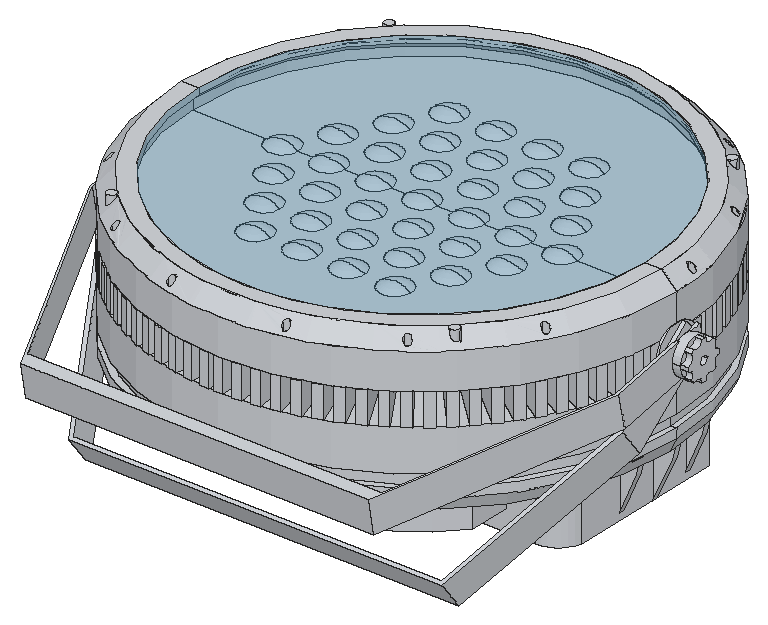
Revit family "WALL WASHER BUILDING RGBW_LV2610QW.30", category Luminarias, Revit 2019 (continued)
Forms (mm)
  Revolve 139, solid
    sketch origin (103.069, 63.256, -108.199) x (1, 0, 0) y (0, 0, 1)
      loop
        arc (-30.028, 289.911) -> (-36.507, 288.887) -> (-42.45, 286.113) r 23.5
        line (-42.45, 286.113) -> (-30.028, 286.113) -> (-30.028, 289.911)
      axis (-30.028, 286.113) -> (-30.028, 289.911)
    angle from 0 to 360
  Revolve 140, solid
    sketch origin (-48.288, 31.628, -108.199) x (-1, 0, 0) y (0, 0, 1)
      loop
        arc (-30.028, 289.911) -> (-36.507, 288.887) -> (-42.45, 286.113) r 23.5
        line (-42.45, 286.113) -> (-30.028, 286.113) -> (-30.028, 289.911)
      axis (-30.028, 286.113) -> (-30.028, 289.911)
    angle from 0 to 360
  Revolve 141, solid
    sketch origin (48.288, 31.628, -108.199) x (1, 0, 0) y (0, 0, -1)
      loop
        line (-30.028, -289.911) -> (-30.028, -286.113) -> (-42.45, -286.113)
        arc (-42.45, -286.113) -> (-36.507, -288.887) -> (-30.028, -289.911) r 23.5
      axis (-30.028, -286.113) -> (-30.028, -289.911)
    angle from 0 to 360
  Revolve 142, solid
    sketch origin (-84.809, 31.628, -108.199) x (-1, 0, 0) y (0, 0, 1)
      loop
        arc (-30.028, 289.911) -> (-36.507, 288.887) -> (-42.45, 286.113) r 23.5
        line (-42.45, 286.113) -> (-30.028, 286.113) -> (-30.028, 289.911)
      axis (-30.028, 286.113) -> (-30.028, 289.911)
    angle from 0 to 360
  Revolve 143, solid
    sketch origin (-121.329, 31.628, -108.199) x (-1, 0, 0) y (0, 0, 1)
      loop
        arc (-30.028, 289.911) -> (-36.507, 288.887) -> (-42.45, 286.113) r 23.5
        line (-42.45, 286.113) -> (-30.028, 286.113) -> (-30.028, 289.911)
      axis (-30.028, 286.113) -> (-30.028, 289.911)
    angle from 0 to 360
  Revolve 144, solid
    sketch origin (84.809, 31.628, -108.199) x (1, 0, 0) y (0, 0, -1)
      loop
        line (-30.028, -289.911) -> (-30.028, -286.113) -> (-42.45, -286.113)
        arc (-42.45, -286.113) -> (-36.507, -288.887) -> (-30.028, -289.911) r 23.5
      axis (-30.028, -286.113) -> (-30.028, -289.911)
    angle from 0 to 360
  Revolve 145, solid
    sketch origin (121.329, 31.628, -108.199) x (1, 0, 0) y (0, 0, -1)
      loop
        line (-30.028, -289.911) -> (-30.028, -286.113) -> (-42.45, -286.113)
        arc (-42.45, -286.113) -> (-36.507, -288.887) -> (-30.028, -289.911) r 23.5
      axis (-30.028, -286.113) -> (-30.028, -289.911)
    angle from 0 to 360
  Revolve 146, solid
    sketch origin (-66.548, 0, -108.199) x (-1, 0, 0) y (0, 0, 1)
      loop
        arc (-30.028, 289.911) -> (-36.507, 288.887) -> (-42.45, 286.113) r 23.5
        line (-42.45, 286.113) -> (-30.028, 286.113) -> (-30.028, 289.911)
      axis (-30.028, 286.113) -> (-30.028, 289.911)
    angle from 0 to 360
  Revolve 147, solid
    sketch origin (30.028, 0, -108.199) x (1, 0, 0) y (0, 0, -1)
      loop
        line (-30.028, -289.911) -> (-30.028, -286.113) -> (-42.45, -286.113)
        arc (-42.45, -286.113) -> (-36.507, -288.887) -> (-30.028, -289.911) r 23.5
      axis (-30.028, -286.113) -> (-30.028, -289.911)
    angle from 0 to 360
  Revolve 148, solid
    sketch origin (-103.069, 0, -108.199) x (-1, 0, 0) y (0, 0, 1)
      loop
        arc (-30.028, 289.911) -> (-36.507, 288.887) -> (-42.45, 286.113) r 23.5
        line (-42.45, 286.113) -> (-30.028, 286.113) -> (-30.028, 289.911)
      axis (-30.028, 286.113) -> (-30.028, 289.911)
    angle from 0 to 360
  Revolve 149, solid
    sketch origin (66.548, 0, -108.199) x (1, 0, 0) y (0, 0, -1)
      loop
        line (-30.028, -289.911) -> (-30.028, -286.113) -> (-42.45, -286.113)
        arc (-42.45, -286.113) -> (-36.507, -288.887) -> (-30.028, -289.911) r 23.5
      axis (-30.028, -286.113) -> (-30.028, -289.911)
    angle from 0 to 360
  Revolve 150, solid
    sketch origin (103.069, 0, -108.199) x (1, 0, 0) y (0, 0, -1)
      loop
        line (-30.028, -289.911) -> (-30.028, -286.113) -> (-42.45, -286.113)
        arc (-42.45, -286.113) -> (-36.507, -288.887) -> (-30.028, -289.911) r 23.5
      axis (-30.028, -286.113) -> (-30.028, -289.911)
    angle from 0 to 360
  Revolve 151, solid
    sketch origin (-139.59, 0, -108.199) x (-1, 0, 0) y (0, 0, 1)
      loop
        arc (-30.028, 289.911) -> (-36.507, 288.887) -> (-42.45, 286.113) r 23.5
        line (-42.45, 286.113) -> (-30.028, 286.113) -> (-30.028, 289.911)
      axis (-30.028, 286.113) -> (-30.028, 289.911)
    angle from 0 to 360
  Revolve 152, solid
    sketch origin (139.59, 0, -108.199) x (1, 0, 0) y (0, 0, -1)
      loop
        line (-30.028, -289.911) -> (-30.028, -286.113) -> (-42.45, -286.113)
        arc (-42.45, -286.113) -> (-36.507, -288.887) -> (-30.028, -289.911) r 23.5
      axis (-30.028, -286.113) -> (-30.028, -289.911)
    angle from 0 to 360
  Revolve 153, solid
    sketch origin (-48.288, -94.884, -108.199) x (-1, 0, 0) y (0, 0, 1)
      loop
        arc (-30.028, 289.911) -> (-36.507, 288.887) -> (-42.45, 286.113) r 23.5
        line (-42.45, 286.113) -> (-30.028, 286.113) -> (-30.028, 289.911)
      axis (-30.028, 286.113) -> (-30.028, 289.911)
    angle from 0 to 360
  Revolve 154, solid
    sketch origin (48.288, -94.884, -108.199) x (1, 0, 0) y (0, 0, -1)
      loop
        line (-30.028, -289.911) -> (-30.028, -286.113) -> (-42.45, -286.113)
        arc (-42.45, -286.113) -> (-36.507, -288.887) -> (-30.028, -289.911) r 23.5
      axis (-30.028, -286.113) -> (-30.028, -289.911)
    angle from 0 to 360
  Revolve 155, solid
    sketch origin (-66.548, -63.256, -108.199) x (-1, 0, 0) y (0, 0, 1)
      loop
        arc (-30.028, 289.911) -> (-36.507, 288.887) -> (-42.45, 286.113) r 23.5
        line (-42.45, 286.113) -> (-30.028, 286.113) -> (-30.028, 289.911)
      axis (-30.028, 286.113) -> (-30.028, 289.911)
    angle from 0 to 360
  Revolve 156, solid
    sketch origin (30.028, -63.256, -108.199) x (1, 0, 0) y (0, 0, -1)
      loop
        line (-30.028, -289.911) -> (-30.028, -286.113) -> (-42.45, -286.113)
        arc (-42.45, -286.113) -> (-36.507, -288.887) -> (-30.028, -289.911) r 23.5
      axis (-30.028, -286.113) -> (-30.028, -289.911)
    angle from 0 to 360
  Revolve 157, solid
    sketch origin (-103.069, -63.256, -108.199) x (-1, 0, 0) y (0, 0, 1)
      loop
        arc (-30.028, 289.911) -> (-36.507, 288.887) -> (-42.45, 286.113) r 23.5
        line (-42.45, 286.113) -> (-30.028, 286.113) -> (-30.028, 289.911)
      axis (-30.028, 286.113) -> (-30.028, 289.911)
    angle from 0 to 360
  Revolve 158, solid
    sketch origin (66.548, -63.256, -108.199) x (1, 0, 0) y (0, 0, -1)
      loop
        line (-30.028, -289.911) -> (-30.028, -286.113) -> (-42.45, -286.113)
        arc (-42.45, -286.113) -> (-36.507, -288.887) -> (-30.028, -289.911) r 23.5
      axis (-30.028, -286.113) -> (-30.028, -289.911)
    angle from 0 to 360
  Revolve 159, solid
    sketch origin (103.069, -63.256, -108.199) x (1, 0, 0) y (0, 0, -1)
      loop
        line (-30.028, -289.911) -> (-30.028, -286.113) -> (-42.45, -286.113)
        arc (-42.45, -286.113) -> (-36.507, -288.887) -> (-30.028, -289.911) r 23.5
      axis (-30.028, -286.113) -> (-30.028, -289.911)
    angle from 0 to 360
  Revolve 160, solid
    sketch origin (-48.288, -31.628, -108.199) x (-1, 0, 0) y (0, 0, -1)
      loop
        line (-30.028, -289.911) -> (-30.028, -286.113) -> (-42.45, -286.113)
        arc (-42.45, -286.113) -> (-36.507, -288.887) -> (-30.028, -289.911) r 23.5
      axis (-30.028, -286.113) -> (-30.028, -289.911)
    angle from 0 to 360
  Revolve 161, solid
    sketch origin (48.288, -31.628, -108.199) x (1, 0, 0) y (0, 0, 1)
      loop
        arc (-30.028, 289.911) -> (-36.507, 288.887) -> (-42.45, 286.113) r 23.5
        line (-42.45, 286.113) -> (-30.028, 286.113) -> (-30.028, 289.911)
      axis (-30.028, 286.113) -> (-30.028, 289.911)
    angle from 0 to 360
  Revolve 162, solid
    sketch origin (-84.809, -31.628, -108.199) x (-1, 0, 0) y (0, 0, -1)
      loop
        line (-30.028, -289.911) -> (-30.028, -286.113) -> (-42.45, -286.113)
        arc (-42.45, -286.113) -> (-36.507, -288.887) -> (-30.028, -289.911) r 23.5
      axis (-30.028, -286.113) -> (-30.028, -289.911)
    angle from 0 to 360
  Revolve 163, solid
    sketch origin (-121.329, -31.628, -108.199) x (-1, 0, 0) y (0, 0, -1)
      loop
        line (-30.028, -289.911) -> (-30.028, -286.113) -> (-42.45, -286.113)
        arc (-42.45, -286.113) -> (-36.507, -288.887) -> (-30.028, -289.911) r 23.5
      axis (-30.028, -286.113) -> (-30.028, -289.911)
    angle from 0 to 360
  Revolve 164, solid
    sketch origin (84.809, -31.628, -108.199) x (1, 0, 0) y (0, 0, 1)
      loop
        arc (-30.028, 289.911) -> (-36.507, 288.887) -> (-42.45, 286.113) r 23.5
        line (-42.45, 286.113) -> (-30.028, 286.113) -> (-30.028, 289.911)
      axis (-30.028, 286.113) -> (-30.028, 289.911)
    angle from 0 to 360
  Revolve 165, solid
    sketch origin (121.329, -31.628, -108.199) x (1, 0, 0) y (0, 0, 1)
      loop
        arc (-30.028, 289.911) -> (-36.507, 288.887) -> (-42.45, 286.113) r 23.5
        line (-42.45, 286.113) -> (-30.028, 286.113) -> (-30.028, 289.911)
      axis (-30.028, 286.113) -> (-30.028, 289.911)
    angle from 0 to 360
  Revolve 166, solid
    sketch origin (-84.809, 94.884, -108.199) x (-1, 0, 0) y (0, 0, 1)
      loop
        arc (-30.028, 289.911) -> (-36.507, 288.887) -> (-42.45, 286.113) r 23.5
        line (-42.45, 286.113) -> (-30.028, 286.113) -> (-30.028, 289.911)
      axis (-30.028, 286.113) -> (-30.028, 289.911)
    angle from 0 to 360
  Revolve 167, solid
    sketch origin (84.809, 94.884, -108.199) x (1, 0, 0) y (0, 0, 1)
      loop
        arc (-30.028, 289.911) -> (-36.507, 288.887) -> (-42.45, 286.113) r 23.5
        line (-42.45, 286.113) -> (-30.028, 286.113) -> (-30.028, 289.911)
      axis (-30.028, 286.113) -> (-30.028, 289.911)
    angle from 0 to 360
  Revolve 168, solid
    sketch origin (-84.809, -94.884, -108.199) x (-1, 0, 0) y (0, 0, 1)
      loop
        arc (-30.028, 289.911) -> (-36.507, 288.887) -> (-42.45, 286.113) r 23.5
        line (-42.45, 286.113) -> (-30.028, 286.113) -> (-30.028, 289.911)
      axis (-30.028, 286.113) -> (-30.028, 289.911)
    angle from 0 to 360
  Revolve 169, solid
    sketch origin (84.809, -94.884, -108.199) x (1, 0, 0) y (0, 0, -1)
      loop
        line (-30.028, -289.911) -> (-30.028, -286.113) -> (-42.45, -286.113)
        arc (-42.45, -286.113) -> (-36.507, -288.887) -> (-30.028, -289.911) r 23.5
      axis (-30.028, -286.113) -> (-30.028, -289.911)
    angle from 0 to 360
Cuts and joins
  Extrusion 118, Extrusion 119 cuts Extrusion 93
  Extrusion 124 cuts Revolve 1
  joined: Extrusion 128, Extrusion 129
Lines and regions (mm)
  model lines
    curve 1: line (0, 3.632, 142.5) -> (0, -3.632, 142.5)
Dimensions and locks
  plane 4 to plane 2 = 195 mm
  plane 4 to level = 195 mm
  aligned and locked: level to plane 2
  aligned and locked: Extrusion 2 to Revolve 1
  aligned and locked: plane 4 to Extrusion 92
  aligned and locked: Extrusion 111 to Extrusion 94
  aligned and locked: Extrusion 111 to Extrusion 110
  aligned and locked: Extrusion 112 to Extrusion 113
  aligned and locked: Extrusion 114 to Extrusion 110
  aligned and locked: Extrusion 115 to Extrusion 94
  aligned and locked: Extrusion 115 to Extrusion 110
  aligned and locked: plane 4 to Extrusion 124
Connectors
  electrical at (-51.643, -76.696, 8.725)
    settings: on Extrusion 114, index 1, voltage 277 V, apparent load 0 VA, apparent load phase1 0 VA, apparent load phase2 0 VA, apparent load phase3 0 VA, power factor 1, load classification "Otro", number of poles 1, system type 31, power factor state 1, is connector primary yes, connector utility no, sub classification motor no, connector description ""
